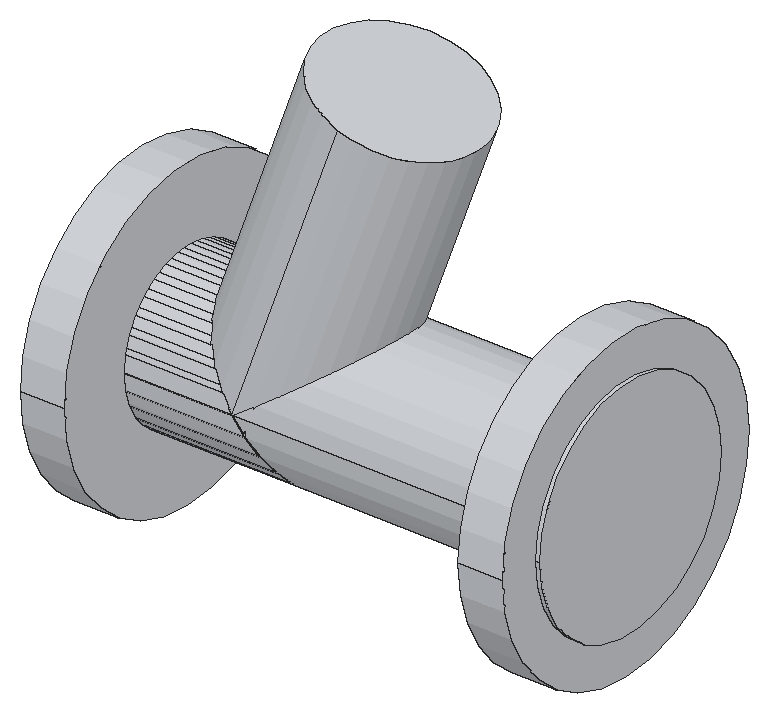
Revit family "447-DN125-RFA_2019", category Pipe Accessories, Revit 2019
Family settings
  Round Connector Dimension = Use Diameter
  Part Type = Valve - Breaks Into
  Work Plane-Based = No
  Always vertical = Yes
  Cut with Voids When Loaded = No
  Shared = No
Parameters (values of type "447-DN125")
  magiProductId = "02b47ccb17f74d08923d86f3fe118e"
  magiProductFamilyId = "b72cb932c1b3471491e3d369876ba1"
  magiPartTypeId = 304
  isMeasuringValve [instance] = no
  ang2D [instance] = 0.00°
  X2 = 86.541 mm
  X1 = 56 mm
  W2D = 100 mm
  VersionID = "2.0/2017.9.26.1/ZETKAMA_447_001"
  Use Minimum Symbol Size [instance] = yes
  URL = "http://www.hydronix.cz"
  Type Comments = "přírubový; PN16; -10~+120°C"
  S = 184 mm
  QmdConnectorList = "301;D;302;D"
  Productdata [instance] = ""
  Manufacturer = "Hydronix"
  MC Product Code = "447 125 (DN125; PN16 kvs285,1)"
  MC Piping Given Pressure Drop [instance] = 0.0 Pa
  LM1 = 32 mm
  LM = 320 mm
  L2D_Min = 3048 mm
  L2D = 350 mm
  L2 = 200 mm
  HH1 = 237.769 mm
  FD = 250 mm
  Description = "Ruční vyvažovací ventil přírubový; DN125; PN16; kvs285,1"
  DT = 130 mm
  D = 125 mm
  CC = 4 mm
  CAT0 = yes
  C1 = 36 mm
  C = 40 mm
Types (10, lengths in mm): name | magiProductId | X2 | X1 | S | MC Product Code | LM1 | LM | L2 | HH1 | FD | Description | DT | D | CC | C1 | C
  447-DN100 | "98b46d48787042dd9a812fc0797c69" | 79.261 | 49 | 156 | "447 100 (DN100; PN16 kvs184,7)" | 28 | 280 | 175 | 217.769 | 220 | "Ruční vyvažovací ventil přírubový; DN100; PN16; kvs184,7" | 130 | 100 | 3.5 | 31.5 | 35
  447-DN125 | "02b47ccb17f74d08923d86f3fe118e" | 86.541 | 56 | 184 | "447 125 (DN125; PN16 kvs285,1)" | 32 | 320 | 200 | 237.769 | 250 | "Ruční vyvažovací ventil přírubový; DN125; PN16; kvs285,1" | 130 | 125 | 4 | 36 | 40
  447-DN150 | "7f7b5672e2b748ca8839732ddacd1d" | 95.64 | 67.2 | 211 | "447 150 (DN150; PN16 kvs390,2)" | 38.4 | 384 | 240 | 262.769 | 285 | "Ruční vyvažovací ventil přírubový; DN150; PN16; kvs390,2" | 130 | 150 | 4.8 | 43.2 | 48
  447-DN200 | "e1019e6fc9b647ceac6d31797e2f53" | 155.411 | 84 | 266 | "447 200 (DN200; PN16 kvs710)" | 48 | 480 | 300 | 426.987 | 340 | "Ruční vyvažovací ventil přírubový; DN200; PN16; kvs710" | 310 | 200 | 6 | 54 | 60
  447-DN250 | "a0eac83e29f84220b7ba68901aa49e" | 171.789 | 102.2 | 319 | "447 250 (DN250; PN16 kvs1188)" | 58.4 | 584 | 365 | 471.987 | 405 | "Ruční vyvažovací ventil přírubový; DN250; PN16; kvs1188" | 310 | 250 | 7.3 | 65.7 | 73
  447-DN300 | "476300b2e87f4f20bd49d272c44436" | 175.429 | 119 | 370 | "447 300 (DN300; PN16 kvs1504)" | 68 | 680 | 425 | 481.987 | 460 | "Ruční vyvažovací ventil přírubový; DN300; PN16; kvs1504" | 310 | 300 | 8.5 | 76.5 | 85
  447-DN040 | "1b02107dafeb4f5588628c478854c2" | 42.71 | 28 | 84 | "447 040 (DN40; PN16 kvs22,36)" | 16 | 160 | 100 | 117.345 | 150 | "Ruční vyvažovací ventil přírubový; DN40; PN16; kvs22,36" | 74 | 40 | 2 | 18 | 20
  447-DN050 | "5ed7087ff739473a8b86e2dbbe5062" | 42.71 | 32.2 | 99 | "447 050 (DN50; PN16 kvs32,15)" | 18.4 | 184 | 115 | 117.345 | 165 | "Ruční vyvažovací ventil přírubový; DN50; PN16; kvs32,15" | 74 | 50 | 2.3 | 20.7 | 23
  447-DN065 | "bd77367604f142d88050bf73c88c7b" | 71.982 | 40.6 | 118 | "447 065 (DN65; PN16 kvs88,8)" | 23.2 | 232 | 145 | 197.769 | 185 | "Ruční vyvažovací ventil přírubový; DN65; PN16; kvs88,8" | 130 | 65 | 2.9 | 26.1 | 29
  447-DN080 | "7399fcf493614c92ad9035a8ac3adf" | 71.982 | 43.4 | 132 | "447 080 (DN80; PN16 kvs113,4)" | 24.8 | 248 | 155 | 197.769 | 200 | "Ruční vyvažovací ventil přírubový; DN80; PN16; kvs113,4" | 130 | 80 | 3.1 | 27.9 | 31
Reference planes
  plane 1 "Center (Front/Back)": y = 0
  plane 2 "XYPLANE": z = 0
  plane 3 "Center (Left/Right)": x = 0
  plane 4 "110": x = 14.541
  plane 5 "109": z = 237.769
  plane 6 "108": x = -72
  plane 7 "107": x = 196
  plane 8 "106": x = -196
  plane 9 "105": z = 0
  plane 10 "104": y = 0
  plane 11 "103": x = -200
  plane 12 "102": x = 200
  plane 13 "100": x = -160
  plane 14 "99": x = 160
  plane 15 "98": x = -128
Forms (mm)
  Extrusion 1, solid, visible <- "CAT0"
    sketch origin (-160, -750, 0) x (0, 1, 0) y (0, 0, 1)
      loop
        circle (750, 0) r 65
    from 0 to 320 <- "LM"
  Sweep 2, solid, visible <- "CAT0"
    path origin (750, 0, 0) x (-1, 0, 0) y (0, 0, 1)
      loop
        line (910, 0) -> (822, 0) -> (735.459, 237.769)
    profile origin (-160, 0, 0) x (0, 0, -1) y (0, 1, 0)
      loop
        circle (0, 0) r 65
  Extrusion 3, solid
    sketch origin (196, -750, 0) x (0, 1, 0) y (0, 0, 1)
      loop
        circle (750, 0) r 92
    from 0 to 4 <- "CC"
  Extrusion 4, solid
    sketch origin (160, -750, 0) x (0, 1, 0) y (0, 0, 1)
      loop
        circle (750, 0) r 125
    from 0 to 36 <- "C1"
  Extrusion 5, solid
    sketch origin (-196, -750, 0) x (0, 1, 0) y (0, 0, 1)
      loop
        circle (750, 0) r 125
    from 0 to 36 <- "C1"
  Extrusion 6, solid
    sketch origin (-200, -750, 0) x (0, 1, 0) y (0, 0, 1)
      loop
        circle (750, 0) r 92
    from 0 to 4 <- "CC"
  Extrusion 7, solid, not visible
    sketch origin (-200, -750, 0) x (0, 1, 0) y (0, 0, 1)
      loop
        circle (750, 0) r 10
    from 0 to 10
  Extrusion 8, solid, not visible
    sketch origin (200, -750, 0) x (0, 1, 0) y (0, 0, 1)
      loop
        circle (750, 0) r 10
    from 0 to -10
Lines and regions (mm)
  reference lines, not visible
    curve 1: circle (2, 2, 0) r 1 normal (0, 0, 1)
Dimensions and locks
  plane 1 "Center (Front/Back)" to curve 1 = 2 mm
  "X2": plane 6 "108" to plane 4 "110"
  "HH1": plane 2 "XYPLANE" to plane 5 "109"
  "X1": plane 15 "98" to plane 6 "108"
  "C1": plane 14 "99" to plane 7 "107"
  "CC": plane 11 "103" to plane 8 "106"
  locked: plane 2 "XYPLANE" to plane 9 "105"
  locked: plane 1 "Center (Front/Back)" to plane 10 "104"
  "L2": plane 3 "Center (Left/Right)" to plane 11 "103"
  "L2": plane 3 "Center (Left/Right)" to plane 12 "102"
  "C": plane 11 "103" to plane 13 "100"
  "LM": plane 13 "100" to plane 14 "99"
  "LM1": plane 13 "100" to plane 15 "98"
  Sweep 2 sketch curve to Sweep 2 sketch curve = 0 mm  (x2)
  "DT": diameter of Extrusion 1 sketch curve
  "DT": diameter of Sweep 2 sketch curve
  "S": diameter of Extrusion 3 sketch curve
  "FD": diameter of Extrusion 4 sketch curve
  "FD": diameter of Extrusion 5 sketch curve
  "S": diameter of Extrusion 6 sketch curve
  aligned and locked: level to plane 2 "XYPLANE"
  aligned and locked: plane 9 "105" to Extrusion 1 sketch curve
  aligned and locked: Extrusion 1 sketch curve to plane 10 "104"
  aligned and locked: plane 9 "105" to Sweep 2 sketch curve  (x3)
  aligned and locked: Sweep 2 sketch curve to plane 10 "104"
  aligned and locked: plane 13 "100" to Sweep 2 sketch curve
  aligned and locked: plane 6 "108" to Sweep 2 sketch curve
  aligned and locked: plane 4 "110" to Sweep 2 sketch curve
  aligned and locked: plane 5 "109" to Sweep 2 sketch curve
  aligned and locked: plane 9 "105" to Extrusion 3 sketch curve
  aligned and locked: Extrusion 3 sketch curve to plane 10 "104"
  aligned and locked: plane 9 "105" to Extrusion 4 sketch curve
  aligned and locked: Extrusion 4 sketch curve to plane 10 "104"
  aligned and locked: plane 9 "105" to Extrusion 5 sketch curve
  aligned and locked: Extrusion 5 sketch curve to plane 10 "104"
  aligned and locked: plane 9 "105" to Extrusion 6 sketch curve
  aligned and locked: Extrusion 6 sketch curve to plane 10 "104"
  aligned and locked: plane 9 "105" to Extrusion 7 sketch curve
  aligned and locked: Extrusion 7 sketch curve to plane 10 "104"
  aligned and locked: plane 9 "105" to Extrusion 8 sketch curve
  aligned and locked: Extrusion 8 sketch curve to plane 10 "104"
Automatic sketch dimensions
  plane 1 "Center (Front/Back)" to Extrusion 7 sketch curve = 10 mm
  plane 1 "Center (Front/Back)" to Extrusion 8 sketch curve = 10 mm
  plane 3 "Center (Left/Right)" to curve 1 = 2 mm
  radius of curve 1 = 1 mm
Connectors
  piping at (-200, 0, 0), diameter 125, driven by "D"
    settings: on Extrusion 7, index 1, connector inside diameter 609.6 mm, connector length 0 mm, flow factor 0, pipe flow 0.0 L/s, pressure drop 0.0 Pa, fitting loss kfactor 0, connector angle 0.00°, fixture units 0, engagement length 0 mm, angle of deflection 0.00°, flow configuration 0, flow direction 0, fitting loss method 0, system type 29, joint type 0, gender type 0, connector reference index 2, connector utility 0, adjustable connector no, is connector primary yes, connector description ""
  piping at (200, 0, 0), diameter 125, driven by "D"
    settings: on Extrusion 8, index 2, connector inside diameter 609.6 mm, connector length 0 mm, flow factor 0, pipe flow 0.0 L/s, pressure drop 0.0 Pa, fitting loss kfactor 0, connector angle 0.00°, fixture units 0, engagement length 0 mm, angle of deflection 0.00°, flow configuration 0, flow direction 0, fitting loss method 0, system type 29, joint type 0, gender type 0, connector reference index 1, connector utility 0, adjustable connector no, is connector primary no, connector description ""
